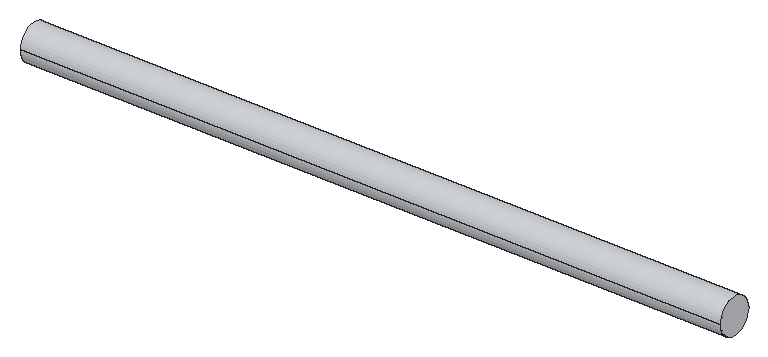
Revit family "Cable 160 mm", category Structural Framing, Revit 2016
Family settings
  Structural Framing Length Roundoff = 0 mm
  Section Shape = Not Defined
  Material for Model Behavior = Other
  Always export as geometry = No
  OmniClass Number = 23.25.30.11.14.14
  OmniClass Title = Beams
  Work Plane-Based = No
  Always vertical = Yes
  Cut with Voids When Loaded = No
  Symbolic Representation = From Family
  Shared = No
  Show family pre-cut in plan views = Yes
Parameters (values of type "Cable 150mm")
  Length [instance] = 3000 mm
  Dia [instance] = 150 mm
Types (2, lengths in mm): name | Dia
  Cable 150mm | 150
  Cable 160mm | 160
Reference planes
  plane 1 "Center (Front/Back)": y = 0
  plane 2: z = 0
  plane 3 "Center (Left/Right)": x = 0
  plane 4: x = -1500
  plane 5: x = 1500
Forms (mm)
  Extrusion 1, solid
    sketch origin (0, 0, 0) x (0, 1, 0) y (0, 0, 1)
      loop
        circle (0, 0) r 75
    from 1500 to -1500
Dimensions and locks
  equal spacing: plane 4, plane 3 "Center (Left/Right)", plane 5
  "Length": plane 4 to plane 5
  equal spacing: plane 5, plane 3 "Center (Left/Right)", plane 4
  plane 5 to plane 4 = 3000 mm
  plane 4 to plane 3 "Center (Left/Right)" = 1500 mm
  "Dia": diameter of Extrusion 1 sketch curve
  aligned and locked: level to plane 2
  aligned and locked: Extrusion 1 to plane 4
  aligned and locked: plane 5 to Extrusion 1
Automatic sketch dimensions
  Extrusion 1 sketch curve to level = 0 mm
  Extrusion 1 sketch curve to plane 1 "Center (Front/Back)" = 0 mm
